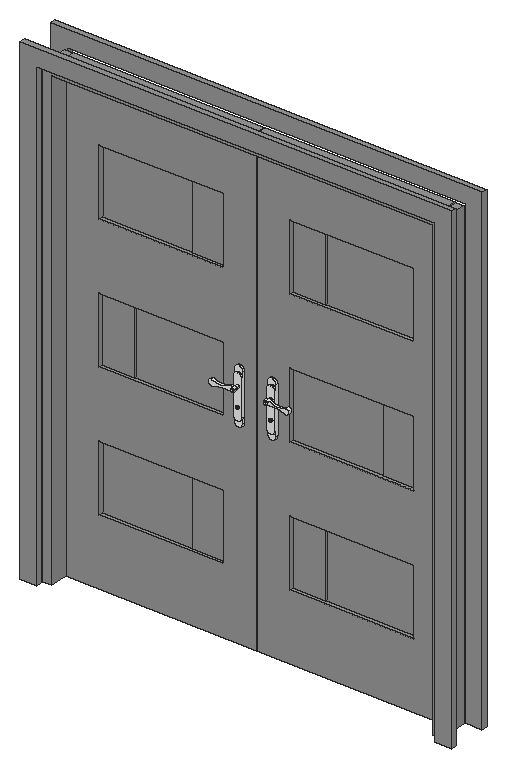
Revit family "Modern_Double_Door", category Doors, host Wall, Revit 2016
Family settings
  Host = Wall
  OmniClass Number = 23.30.10.00
  OmniClass Title = Doors
  Always vertical = Yes
  Cut with Voids When Loaded = No
  Shared = No
  Room Calculation Point = No
Parameters
  Thickness = 0' - 1 3/4"
  Panel Support Width 2 = 0' - 6"
  Panel Support Width = 0' - 6"
  Inner Door Panel Material = Mahogany
  Half Width = (Width - (Door Frame Depth * 2)) / 2  # 2' - 10 1/2"
  Glass Thickness = 0' - 0 1/4"
  Glass Material = Glass_Tinted Blue
  Function = Interior
  Frame Projection Ext. = 0' - 1"
  Frame Projection Int. = 0' - 1"
  Frame Width = 0' - 3"
  Height = 7' - 0"
  Wall Closure = By host
  Width = 6' - 0"
  Door Panel Material = Mahogany-Stained Dark Polished
  Door Molding Material = Mahogany-Stained Dark Polished
  Door Handle Material = Steel, Chrome Plated
  Door Frame Material = Mahogany
  Door Frame Depth = 0' - 1 1/2"
  Door Angle [instance] = 0.00°
  Analytic Construction = "<None>"
  2D Door Angle = 90.00°
Reference planes (in)
  plane 1 "Center (Front/Back)": y = 0
  plane 2 "Center (Left/Right)": x = 0
  plane 3 "Left": x = -36
  plane 4 "Right": x = 36
  plane 5 "Top": z = 84
  plane 6 "Exterior": y = 3
  plane 7 "Interior": y = -3
  plane 8: x = -34.5
  plane 9: x = 34.5
  plane 10: y = 2.5
  plane 11: y = 2.5
Forms (in)
  Extrusion 1, solid, material "Mahogany-Stained Dark Polished" <- "Door Molding Material"
    sketch origin (-90, 3, 0) x (-1, 0, 0) y (0, 0, 1)
      loop
        line (-126, 84) -> (-54, 84) -> (-54, 0) -> (-51, 0) -> (-51, 87) -> (-129, 87) -> (-129, 0) -> (-126, 0) -> (-126, 84)
    from 0 to 1
  Extrusion 2, solid, material "Mahogany-Stained Dark Polished" <- "Door Molding Material"
    sketch origin (-90, -3, 0) x (1, 0, 0) y (0, 0, 1)
      loop
        line (54, 0) -> (54, 84) -> (126, 84) -> (126, 0) -> (129, 0) -> (129, 87) -> (51, 87) -> (51, 0) -> (54, 0)
    from 0 to 1
  Sweep 3, solid, material "Mahogany" <- "Door Frame Material"
    path origin (0, 0, 0) x (1, 0, 0) y (0, 0, 1)
      loop
        line (36, 0) -> (36, 84) -> (-36, 84) -> (-36, 0)
    profile "Door Frame : Door Frame" origin (36, 0, 42) x (-1, 0, 0) y (0, -1, 0)
      loop
        line (0, 2.5) -> (0, -2.5) -> (1.5, -2.5) -> (1.5, 2.5) -> (0, 2.5)
Lines and regions (in)
  Opening 1
    outline origin (-90, -3, 0) x (1, 0, 0) y (0, 0, 1)
      loop
        line (54, 0) -> (126, 0) -> (126, 84) -> (54, 84) -> (54, 0)
  symbolic lines, style "Elevation Swing"
    curve 1: line (0, 3, 0) -> (-36, 3, 42)
    curve 2: line (-36, 3, 42) -> (0, 3, 84)
    curve 3: line (0, 3, 0) -> (36, 3, 42)
    curve 4: line (36, 3, 42) -> (0, 3, 84)
  reference lines
    curve 5: line (-34.5, 2.5, 0) -> (0, 2.5, 0)
    curve 6: line (34.5, 2.5, 0) -> (0, 2.5, 0)
Text (in)
  text "Exterior" at (-110.20296, 24.91949, 0), in view "Ref. Level"
  text "Interior" at (-106.85477, -23.70872, 0), in view "Ref. Level"
  text "Exterior" at (0, 40.15149, 123.01588), in view "Right"
  text "Interior" at (0, -64.39139, 123.01588), in view "Right"
  text "Interior" at (0, -31.01599, 123.00693), in view "Left"
  text "Exterior" at (0, 54.57065, 123.00693), in view "Left"
Dimensions and locks (in)
  equal spacing: plane 3 "Left", plane 2 "Center (Left/Right)", plane 4 "Right"
  "Height": level to plane 5 "Top"
  "Width": plane 3 "Left" to plane 4 "Right"
  "Frame Width": Extrusion 2 sketch curve to plane 3 "Left"
  "Frame Width": Extrusion 2 sketch curve to plane 4 "Right"
  "Frame Width": Extrusion 2 sketch curve to plane 5 "Top"
  "Frame Width": Extrusion 1 sketch curve to Extrusion 1 sketch curve  (x2)
  "Frame Width": Extrusion 1 sketch curve to plane 5 "Top"
  equal spacing: host wall, curve 2, plane 5 "Top"
  "Frame Projection Int.": Extrusion 2 to host wall
  "Frame Projection Ext.": Extrusion 1 to host wall
  "Half Width": curve 5 to curve 5
  "Door Frame Depth": plane 3 "Left" to plane 8
  "Door Frame Depth": plane 9 to plane 4 "Right"
  "Half Width": curve 6 to curve 6
  "Door Angle": angle host wall to curve 5
  "Door Angle": angle curve 6 to host wall
  aligned and locked: plane 3 "Left" to Opening 1 sketch curve
  aligned and locked: plane 5 "Top" to Opening 1 sketch curve  (x2)
  aligned and locked: Opening 1 sketch curve to plane 4 "Right"
  aligned and locked: Opening 1 sketch curve to level
  aligned and locked: plane 5 "Top" to Extrusion 1 sketch curve  (x2)
  aligned and locked: plane 3 "Left" to Extrusion 1 sketch curve
  aligned and locked: Extrusion 1 sketch curve to plane 3 "Left"
  aligned and locked: level to Extrusion 1 sketch curve
  aligned and locked: plane 4 "Right" to Extrusion 1 sketch curve
  aligned and locked: Extrusion 1 to host wall
  aligned and locked: plane 3 "Left" to Extrusion 2 sketch curve
  aligned and locked: plane 5 "Top" to Extrusion 2 sketch curve  (x2)
  aligned and locked: plane 4 "Right" to Extrusion 2 sketch curve  (x2)
  aligned and locked: level to Extrusion 2 sketch curve
  aligned and locked: Extrusion 2 sketch curve to level
  aligned and locked: Extrusion 2 to host wall
  aligned and locked: plane 3 "Left" to curve 1
  aligned and locked: plane 5 "Top" to curve 2
  aligned and locked: plane 6 "Exterior" to host wall
  aligned and locked: plane 7 "Interior" to host wall
  aligned and locked: plane 2 "Center (Left/Right)" to curve 1
  aligned and locked: plane 2 "Center (Left/Right)" to curve 2
  aligned and locked: plane 4 "Right" to curve 3
  aligned and locked: plane 2 "Center (Left/Right)" to curve 4
  aligned and locked: plane 2 "Center (Left/Right)" to curve 3
  aligned and locked: plane 8 to curve 5
  aligned and locked: Sweep 3 to plane 10  (x2)
  aligned and locked: plane 10 to curve 5
  aligned and locked: nested 1 to curve 5
  aligned and locked: plane 11 to Sweep 3  (x3)
  aligned and locked: plane 9 to Sweep 3  (x2)
  aligned and locked: Sweep 3 to Sweep 3
  aligned and locked: plane 9 to curve 6
  aligned and locked: plane 11 to curve 6
  aligned and locked: curve 6 to nested 2
  aligned and locked: nested 3 to plane 10
  aligned and locked: nested 3 to plane 8
  aligned and locked: plane 11 to nested 4
  aligned and locked: plane 9 to nested 4
Automatic sketch dimensions
  Extrusion 1 sketch curve to level = 0' - 0"
  Extrusion 2 sketch curve to level = 0' - 0"
  curve 1 to level = 0' - 0"
  curve 3 to level = 0' - 0"
  curve 4 to plane 5 "Top" = 0' - 0"
  level to curve 4 = 3' - 6"
  plane 3 "Left" to Sweep 3 sketch curve = 0' - 0"
  plane 4 "Right" to Sweep 3 sketch curve = 0' - 0"
  Sweep 3 sketch curve to level = 0' - 0"  (x2)
  Sweep 3 sketch curve to plane 5 "Top" = 0' - 0"
Nested families (in)
  nested 1: "Modern Door Panel_001" at (-34.5, 0.75, 0), type "Modern Door Panel_001"
    with Thickness 0' - 1 3/4", Height 7' - 0", Half Width 2' - 10 1/2", Glass Depth 0' - 0 3/4"
  nested 2: "Modern Door Panel_001" at (34.5, 2.5, 0) x (-1, 0, 0) z (0, 0, 1), type "Modern Door Panel_001"
    with Thickness 0' - 1 3/4", Height 7' - 0", Half Width 2' - 10 1/2", Glass Depth 0' - 0 3/4"
  nested 3: "2D Door Swing" at (-34.5, 2.5, 0), type "2D Door Swing"
    with Thickness 0' - 1 3/4", Panel Support Width 2 0' - 6", Panel Support Width 0' - 6", Half Width 2' - 10 1/2", Glass Start 0' - 0 3/4", Door Angle 90.00°
  nested 4: "2D Door Swing" at (34.5, 2.5, 0) x (-1, 0, 0) z (0, 0, 1), type "2D Door Swing"
    with Thickness 0' - 1 3/4", Panel Support Width 2 0' - 6", Panel Support Width 0' - 6", Half Width 2' - 10 1/2", Glass Start 0' - 0 3/4", Door Angle 90.00°
Definition of nested family "Modern Door Panel_001"
  Parameters (values of type "Modern Door Panel_001")
    Half Width = 3' - 0"
    Thickness = 0' - 3"
    Panel Support Width = 0' - 6"
    Panel Support Width 2 = 0' - 6"
    Inner Door Panel Material = none
    Height = 6' - 9"
    Glass Thickness = 0' - 0 1/4"
    Glass Material = none
    Glass Depth = (Thickness - Glass Thickness) / 2  # 0' - 1 3/8"
    Door Panel Material = none
    Door Handle Material = none
    Default Elevation = 4' - 0"
  Reference planes (in)
    plane 1 "Center (Front/Back)": y = 0
    plane 2: z = 0
    plane 3 "Center (Left/Right)": x = 0
    plane 4: x = 36
    plane 5: y = 3
    plane 6: z = 81
    plane 7: y = 1.625
    plane 8: y = 1.375
    plane 9: z = 69.42857
    plane 10: z = 57.85714
    plane 11: z = 46.28571
    plane 12: z = 34.71429
    plane 13: z = 23.14286
    plane 14: z = 11.57143
    plane 15: x = 6
    plane 16: x = 30
    plane 17: x = 12
    plane 18: x = 24
    plane 19: x = 33
    plane 20: z = 42
    plane 21: y = 2
    plane 22: y = 1
  Forms (in)
    Extrusion 1, solid, material <- "Door Panel Material"
      sketch origin (0, 0, 0) x (1, 0, 0) y (0, 0, 1)
        loop
          line (0, 81) -> (0, 0) -> (36, 0) -> (36, 81) -> (0, 81)
        loop
          line (6, 69.42857) -> (6, 57.85714) -> (30, 57.85714) -> (30, 69.42857) -> (6, 69.42857)
        loop
          line (6, 46.28571) -> (6, 34.71429) -> (30, 34.71429) -> (30, 46.28571) -> (6, 46.28571)
        loop
          line (6, 23.14286) -> (6, 11.57143) -> (30, 11.57143) -> (30, 23.14286) -> (6, 23.14286)
      from 0 to -3
    Extrusion 2, solid, material <- "Glass Material"
      sketch origin (0, 0, 0) x (1, 0, 0) y (0, 0, 1)
        loop
          line (6, 69.42857) -> (6, 57.85714) -> (24, 57.85714) -> (24, 69.42857) -> (6, 69.42857)
        loop
          line (12, 46.28571) -> (12, 34.71429) -> (30, 34.71429) -> (30, 46.28571) -> (12, 46.28571)
        loop
          line (6, 23.14286) -> (6, 11.57143) -> (24, 11.57143) -> (24, 23.14286) -> (6, 23.14286)
      from -1.625 to -1.375
    Extrusion 3, solid, material <- "Inner Door Panel Material"
      sketch origin (0, 0, 0) x (1, 0, 0) y (0, 0, 1)
        loop
          line (24, 69.42857) -> (24, 57.85714) -> (30, 57.85714) -> (30, 69.42857) -> (24, 69.42857)
        loop
          line (6, 46.28571) -> (6, 34.71429) -> (12, 34.71429) -> (12, 46.28571) -> (6, 46.28571)
        loop
          line (24, 23.14286) -> (24, 11.57143) -> (30, 11.57143) -> (30, 23.14286) -> (24, 23.14286)
      from -2 to -1
  Dimensions and locks (in)
    "Height": plane 6 to plane 2
    "Half Width": plane 4 to plane 3 "Center (Left/Right)"
    "Thickness": plane 1 "Center (Front/Back)" to plane 5
    "Glass Thickness": plane 7 to plane 8
    "Glass Depth": plane 1 "Center (Front/Back)" to plane 8
    equal spacing: plane 6, plane 9, plane 10, plane 11, plane 12, plane 13, plane 14, plane 2
    "Panel Support Width": plane 15 to plane 3 "Center (Left/Right)"
    "Panel Support Width": plane 4 to plane 16
    "Panel Support Width 2": plane 17 to plane 15
    "Panel Support Width 2": plane 16 to plane 18
    equal spacing: plane 4, plane 19, plane 16
    plane 20 to plane 2 = 3' - 6"
    equal spacing: plane 1 "Center (Front/Back)", plane 22, plane 21, plane 5
    aligned and locked: level to plane 2
    aligned and locked: Extrusion 1 sketch curve to plane 6
    aligned and locked: plane 3 "Center (Left/Right)" to Extrusion 1 sketch curve
    aligned and locked: plane 2 to Extrusion 1 sketch curve
    aligned and locked: Extrusion 1 sketch curve to plane 4
    aligned and locked: plane 5 to Extrusion 1
    aligned and locked: plane 1 "Center (Front/Back)" to Extrusion 1
    aligned and locked: Extrusion 1 sketch curve to plane 13
    aligned and locked: plane 15 to Extrusion 1 sketch curve  (x3)
    aligned and locked: plane 14 to Extrusion 1 sketch curve
    aligned and locked: Extrusion 1 sketch curve to plane 11
    aligned and locked: Extrusion 1 sketch curve to plane 16  (x3)
    aligned and locked: plane 12 to Extrusion 1 sketch curve
    aligned and locked: plane 10 to Extrusion 1 sketch curve
    aligned and locked: Extrusion 1 sketch curve to plane 9
    aligned and locked: Extrusion 2 sketch curve to Extrusion 1  (x6)
    aligned and locked: Extrusion 1 to Extrusion 2 sketch curve  (x3)
    aligned and locked: plane 7 to Extrusion 2
    aligned and locked: Extrusion 2 to plane 8
    aligned and locked: plane 19 to nested 1
    aligned and locked: plane 20 to nested 1
    aligned and locked: plane 1 "Center (Front/Back)" to nested 2
    aligned and locked: nested 1 to plane 5
    aligned and locked: Extrusion 2 sketch curve to plane 18  (x2)
    aligned and locked: plane 17 to Extrusion 2 sketch curve
    aligned and locked: Extrusion 3 sketch curve to Extrusion 2  (x6)
    aligned and locked: Extrusion 3 sketch curve to Extrusion 1  (x6)
    aligned and locked: plane 21 to Extrusion 3
    aligned and locked: Extrusion 3 to plane 22
    aligned and locked: nested 2 to plane 19
  Nested families (in)
    nested 1: "Family2" at (33.75, 3, -0.66667), type "Family2"
    nested 2: "Family2" at (33.75, 0, -0.66667), type "Family2"
  Definition of nested family "Family2"
    Parameters (values of type "Family2")
      Height Of Door Handle = 3' - 0"
      Handle thickness = 0' - 0 1/2"
      Handle Width = 0' - 1 1/2"
      Handle Height = 0' - 10"
      Door Thickness = 0' - 2"
      Door Handle Material = none
    Reference planes (in)
      plane 1 "Center (Front/Back)": y = 0
      plane 2: z = 0
      plane 3 "Center (Left/Right)": x = 0
      plane 4: z = 36
      plane 5: x = 2
      plane 6: z = 46
      plane 7: x = -1.5
      plane 8: y = 0.5
      plane 9: z = 42.66667
      plane 10: z = 39.33333
      plane 11: x = -0.75
      plane 12: y = 1.25
      plane 13: y = 1.75
      plane 14: y = 0.625
      plane 15: y = 0.25
      plane 16: y = 1.875
    Forms (in)
      Extrusion 1, solid, material <- "Door Handle Material"
        sketch origin (0, 0, 0) x (1, 0, 0) y (0, 0, 1)
          loop
            arc (-1.5, 36.75) -> (-0.75, 36) -> (0, 36.75) r 0.75
            line (0, 36.75) -> (0, 45.25)
            arc (0, 45.25) -> (-0.75, 46) -> (-1.5, 45.25) r 0.75
            line (-1.5, 45.25) -> (-1.5, 36.75)
        from -0.5 to 0
      Extrusion 2, solid, material <- "Door Handle Material"
        sketch origin (0, 0, 0) x (1, 0, 0) y (0, 0, 1)
          loop
            circle (-0.75, 42.66667) r 0.25
        from -1.875 to -0.5
      Extrusion 3, solid, material <- "Door Handle Material"
        sketch origin (0, 0, 0) x (1, 0, 0) y (0, 0, 1)
          loop
            arc (-0.75, 43.04167) -> (-1.125, 43.16021) -> (-1.5, 43.04167) r 0.65242
            arc (-1.5, 43.04167) -> (-3, 42.6629) -> (-4.5, 43.04167) r 3.15956
            arc (-4.5, 43.04167) -> (-5, 42.54167) -> (-4.5, 42.04167) r 0.5
            arc (-4.5, 42.04167) -> (-2.62887, 42.41247) -> (-0.72514, 42.29249) r 7.3976
            arc (-0.72514, 42.29249) -> (-0.37521, 42.6791) -> (-0.75, 43.04167) r 0.375
        from -1.75 to -1.25
      Extrusion 4, solid, material <- "Door Handle Material"
        sketch origin (0, 0, 0) x (1, 0, 0) y (0, 0, 1)
          loop
            circle (-0.75, 39.33333) r 0.25
          loop
            line (-0.875, 39.39583) -> (-0.875, 39.30667) -> (-0.83458, 39.30667) -> (-0.79875, 39.27083) -> (-0.75379, 39.31579) -> (-0.72536, 39.27157) -> (-0.67968, 39.31725) -> (-0.625, 39.27083) -> (-0.625, 39.36666) -> (-0.66666, 39.39583) -> (-0.70098, 39.36151) -> (-0.75, 39.39583) -> (-0.80914, 39.35781) -> (-0.875, 39.39583)
        from -0.625 to -0.5
      Blend 5, void
        base sketch origin (0, 0, 0) x (1, 0, 0) y (0, 0, 1)
          loop
            arc (-1.5, 44.17353) -> (-0.75, 44.92353) -> (0, 44.17353) r 0.75
            line (0, 44.17353) -> (0, 45.25)
            arc (0, 45.25) -> (-0.75, 46) -> (-1.5, 45.25) r 0.75
            line (-1.5, 45.25) -> (-1.5, 44.17353)
        top sketch origin (0, 0, 0) x (1, 0, 0) y (0, 0, 1)
          loop
            arc (-1.5, 44.17353) -> (-0.75, 44.92353) -> (0, 44.17353) r 0.75
            line (0, 44.17353) -> (0, 45.25)
            arc (0, 45.25) -> (-0.75, 46) -> (-1.5, 45.25) r 0.75
            line (-1.5, 45.25) -> (-1.5, 44.17353)
        from -0.5 to -0.25
      Blend 6, void
        base sketch origin (0, 0, 82) x (1, 0, 0) y (0, 0, 1)
          loop
            line (-1.5, -44.17353) -> (-1.5, -45.25)
            arc (-1.5, -45.25) -> (-0.75, -46) -> (0, -45.25) r 0.75
            line (0, -45.25) -> (0, -44.17353)
            arc (0, -44.17353) -> (-0.75, -44.92353) -> (-1.5, -44.17353) r 0.75
        top sketch origin (0, 0, 82) x (1, 0, 0) y (0, 0, 1)
          loop
            line (-1.5, -44.17353) -> (-1.5, -45.25)
            arc (-1.5, -45.25) -> (-0.75, -46) -> (0, -45.25) r 0.75
            line (0, -45.25) -> (0, -44.17353)
            arc (0, -44.17353) -> (-0.75, -44.92353) -> (-1.5, -44.17353) r 0.75
        from -0.5 to -0.25
    Cuts and joins
      Blend 5, Blend 6 cuts Extrusion 1
    Dimensions and locks (in)
      "Height Of Door Handle": plane 4 to plane 2
      "Door Thickness": plane 3 "Center (Left/Right)" to plane 5
      "Handle Width": plane 3 "Center (Left/Right)" to plane 7
      "Handle Height": plane 6 to plane 4
      "Handle thickness": plane 1 "Center (Front/Back)" to plane 8
      equal spacing: plane 6, plane 9, plane 10, plane 4
      equal spacing: plane 3 "Center (Left/Right)", plane 11, plane 7
      plane 12 to plane 8 = 0' - 0 3/4"
      locked: plane 13 to plane 12 at 0.5
      plane 14 to plane 8 = 0' - 0 1/8"
      equal spacing: plane 8, plane 15, plane 1 "Center (Front/Back)"
      aligned and locked: level to plane 2
      aligned and locked: Extrusion 1 to plane 7
      aligned and locked: plane 8 to Extrusion 1
      aligned and locked: plane 1 "Center (Front/Back)" to Extrusion 1
      aligned and locked: Extrusion 2 to plane 8
      aligned and locked: plane 13 to Extrusion 3
      aligned and locked: Extrusion 3 to plane 12
      aligned and locked: plane 14 to Extrusion 4
      aligned and locked: Extrusion 4 to plane 8
      aligned and locked: plane 15 to cut or joined group of Extrusion 1, Blend 5, Blend 6
      aligned and locked: Blend 5 to Extrusion 1
      aligned and locked: plane 16 to Extrusion 2
    Automatic sketch dimensions
      Extrusion 1 sketch curve to plane 7 = 0' - 0"
      Extrusion 1 sketch curve to plane 11 = 0' - 0"
      plane 4 to Extrusion 1 sketch curve = 0' - 0 3/4"
      Extrusion 1 sketch curve to plane 6 = 0' - 0 3/4"
      Extrusion 2 sketch curve to plane 9 = 0' - 0"
      Extrusion 2 sketch curve to plane 11 = 0' - 0"
      Extrusion 3 sketch curve to plane 7 = 0' - 0"
      Extrusion 3 sketch curve to plane 11 = 0' - 0"
      Extrusion 3 sketch curve to plane 9 = 0' - 0"
      Extrusion 3 sketch curve to plane 7 = 0' - 0.63841"
      Extrusion 3 sketch curve to plane 6 = 0' - 0.17753"
      Extrusion 3 sketch curve to plane 7 = 0' - 1 1/2"
      Extrusion 3 sketch curve to plane 9 = 0' - 0 1/8"
      Extrusion 3 sketch curve to plane 7 = 0' - 3"
      Extrusion 3 sketch curve to plane 9 = 0' - 0.15887"
      Extrusion 3 sketch curve to Extrusion 3 sketch curve = 0' - 0 3/8"
      Extrusion 3 sketch curve to plane 4 = 0' - 0.96886"
      plane 11 to Extrusion 3 sketch curve = 0' - 0.02486"
      Extrusion 4 sketch curve to plane 11 = 0' - 0"  (x2)
      Extrusion 4 sketch curve to plane 10 = 0' - 0"
      Extrusion 4 sketch curve to plane 11 = 0' - 0.00379"
      Extrusion 4 sketch curve to plane 11 = 0' - 0.04875"
      plane 10 to Extrusion 4 sketch curve = 0' - 0.02448"
      Extrusion 4 sketch curve to plane 11 = 0' - 0.05914"
      Extrusion 4 sketch curve to Extrusion 4 sketch curve = 0' - 0.03583"
      plane 10 to Extrusion 4 sketch curve = 0' - 0 1/16"
      Extrusion 4 sketch curve to Extrusion 4 sketch curve = 0' - 0.06586"
      plane 11 to Extrusion 4 sketch curve = 0' - 0.02464"
      plane 11 to Extrusion 4 sketch curve = 0' - 0.04902"
      Extrusion 4 sketch curve to plane 10 = 0' - 0.01609"
      Extrusion 4 sketch curve to Extrusion 4 sketch curve = 0' - 0.0213"
      Extrusion 4 sketch curve to Extrusion 4 sketch curve = 0' - 0.03432"  (x3)
      plane 10 to Extrusion 4 sketch curve = 0' - 0.03333"
      Extrusion 4 sketch curve to Extrusion 4 sketch curve = 0' - 0.04166"
      Extrusion 4 sketch curve to plane 10 = 0' - 0.01754"
      Extrusion 4 sketch curve to plane 10 = 0' - 0.02667"
      Extrusion 4 sketch curve to Extrusion 4 sketch curve = 0' - 0.04422"
      Extrusion 4 sketch curve to plane 10 = 0' - 0 1/16"
      plane 10 to Extrusion 4 sketch curve = 0' - 0.02818"
      Blend 5 sketch curve to plane 7 = 0' - 0"  (x3)
      Blend 5 sketch curve to plane 11 = 0' - 0"  (x3)
      plane 9 to Blend 5 sketch curve = 0' - 1.50687"  (x2)
      Blend 5 sketch curve to plane 6 = 0' - 0 3/4"  (x2)
      Blend 5 sketch curve to Blend 5 sketch curve = 0' - 0"  (x3)
      Blend 6 sketch curve to plane 7 = 0' - 0"  (x3)
      Blend 6 sketch curve to plane 11 = 0' - 0"  (x3)
      plane 10 to Blend 6 sketch curve = 0' - 1.50687"  (x2)
      Blend 6 sketch curve to plane 4 = 0' - 0 3/4"  (x2)
      Blend 6 sketch curve to Blend 6 sketch curve = 0' - 0"  (x3)
      radius of Extrusion 2 sketch curve = 0' - 0 1/4"
      radius of Extrusion 4 sketch curve = 0' - 0 1/4"
Definition of nested family "2D Door Swing"
  Parameters (values of type "2D Door Swing")
    Thickness = 0' - 2"
    Panel Support Width 2 = 0' - 4"
    Panel Support Width = 0' - 4"
    Half Width = 3' - 0"
    Glass Thickness = 0' - 0 1/4"
    Glass Start = (Thickness - Glass Thickness) / 2  # 0' - 0 7/8"
    Door Angle = 45.00°
  Reference planes (in)
    plane 1 "Center (Front/Back)": y = 0
    plane 2: z = 0
    plane 3 "Center (Left/Right)": x = 0
  Lines and regions (in)
    model lines
      curve 1: line (0, 0, 0) -> (25.45584, 25.45584, 0)
      curve 2: line (1.41421, -1.41421, 0) -> (26.87006, 24.04163, 0)
      curve 10: line (6.27557, 5.03814, 0) -> (20.41771, 19.18027, 0)
      curve 11: line (6.45235, 4.86136, 0) -> (20.59449, 19.00349, 0)
      curve 12: line (3.29983, 2.35702, 0) -> (6.12826, 5.18545, 0)
      curve 13: line (3.77124, 1.88562, 0) -> (6.59966, 4.71405, 0)
      curve 14: line (20.27039, 19.32759, 0) -> (23.09882, 22.15601, 0)
      curve 15: line (20.7418, 18.85618, 0) -> (23.57023, 21.68461, 0)
    symbolic lines
      curve 3: line (25.45584, 25.45584, 0) -> (26.87006, 24.04163, 0)
      curve 4: line (0, 0, 0) -> (1.41421, -1.41421, 0)
      curve 5: arc (26.45758, 24.45411, 0) -> (33.55009, 13.13006, 0) -> (36.02786, 0, 0) r 36.02786
      curve 6: line (2.82843, 2.82843, 0) -> (4.24264, 1.41421, 0)
      curve 7: line (22.62742, 22.62742, 0) -> (24.04163, 21.2132, 0)
      curve 8: line (5.65685, 5.65685, 0) -> (7.07107, 4.24264, 0)
      curve 9: line (19.79899, 19.79899, 0) -> (21.2132, 18.38478, 0)
  Dimensions and locks (in)
    "Half Width": curve 1 to curve 1
    "Thickness": curve 2 to curve 1
    "Panel Support Width": curve 7 to curve 3
    "Panel Support Width": curve 4 to curve 6
    "Panel Support Width 2": curve 6 to curve 8
    "Panel Support Width 2": curve 9 to curve 7
    "Glass Thickness": curve 11 to curve 10
    "Glass Start": curve 10 to curve 1
    equal spacing: curve 2, curve 15, curve 14, curve 1
    equal spacing: curve 2, curve 13, curve 12, curve 1
    "Door Angle": angle plane 1 "Center (Front/Back)" to curve 1
    aligned and locked: plane 2 to level
    aligned and locked: plane 1 "Center (Front/Back)" to curve 1
    aligned and locked: plane 3 "Center (Left/Right)" to curve 1
    aligned and locked: plane 1 "Center (Front/Back)" to curve 5
  Automatic sketch dimensions
    curve 5 to plane 3 "Center (Left/Right)" = 0' - 0"
    curve 5 to curve 2 = 0' - 0.41248"
